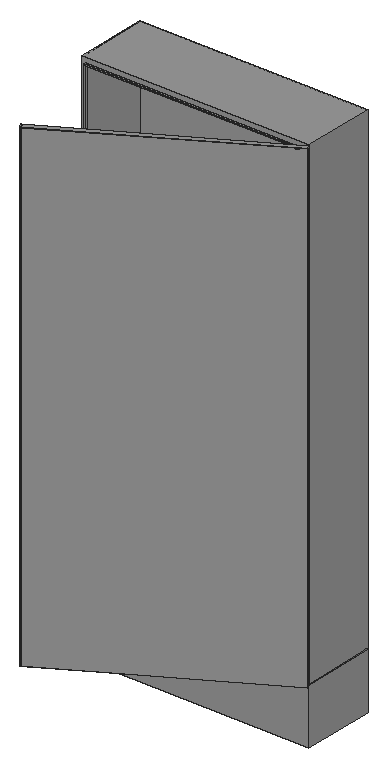
Revit family "Hager-Univers-IP55-D275-H1900-Cl.I-Steel_encl-NoHosted-PL-pl", category Electrical Equipment, Revit 2020
Family settings
  Panel Configuration = Two Columns, Circuits Across
  Round Connector Dimension = Use Diameter
  Part Type = Panelboard
  Work Plane-Based = Yes
  Always vertical = Yes
  Cut with Voids When Loaded = No
  Shared = No
  Room Calculation Point = No
Parameters (values of type "Montaż podłogowy IP55 S800 W1900 G275  - FR13E2")
  Width Control [instance] = if([EF000008 - Szerokość] > Min Width, [EF000008 - Szerokość], Min Width)  # 800 mm
  Type Comments = [HG000003 - Zakres]  # "Univers"
  Thickness Door [instance] = if([EF009171 - Drzwi/pokrywa z materiału o wysokiej wytrzymałości mechanicznej] > 3 mm, 3 mm, [EF009171 - Drzwi/pokrywa z materiału o wysokiej wytrzymałości mechanicznej])  # 1.5 mm
  Seal Frame Offset [instance] = 17 mm  # constant formula
  Plinth Visibility [instance] = [HG000027 - Wysokość cokołu] > 0 mm  # yes
  Min Width [instance] = 100 mm  # constant formula
  Min Depth [instance] = (2 * [EF009170 - Obudowa z materiału o wysokiej wytrzymałości mechanicznej]) + 1 mm  # 4 mm
  Min Height [instance] = 100 mm  # constant formula
  Internal Frame Depth [instance] = (Door System Depth * 0.5)  # 9 mm
  Panel Name [instance] = ""  # (empty or 0)
  Model = ""
  HG000027 - Wysokość cokołu = 200 mm
  HG000026 - Stojąca = yes
  HG000024 - Wysokość części dolnej = 600 mm
  HG000023 - Obudowa dwusekcyjna = no
  HG000016 - Widoczność drzwi w widoku 3D [instance] = yes
  HG000015 - Przestrzeń robocza - otwarcie drzwi [instance] = no
  HG000014 - Drzwi prawe [instance] = yes
  HG000013 - Drzwi lewe [instance] = not([HG000014 - Drzwi prawe])  # no
  HG000012 - Kąt otwarcia drzwi [instance] = 30.00°
  HG000010 - Drzwi asymetryczne = no
  HG000009 - Drzwi dwuskrzydłowe = no
  HG000006 - Montaż podtynkowy = no
  HG000004 - Referencja producenta = "FR13E2"
  HG000003 - Zakres = "Univers"
  HG000002 - Z drzwiami lub pokrywą = yes
  Frame Offset Bottom [instance] = 10 mm  # constant formula
  Frame Offset [instance] = 15 mm  # constant formula
  EF015940 - Pokrywa z wyzwalaczem nadciśnieniowym = no
  EF011959 - Stopień ochrony (NEMA) = ""
  EF009554 - Liczba otworów pod flansze = 6
  EF009212 - Wykonanie pokrywy = "EV000116 - Zamknięty"
  EF009171 - Drzwi/pokrywa z materiału o wysokiej wytrzymałości mechanicznej = 1.5 mm
  EF009170 - Obudowa z materiału o wysokiej wytrzymałości mechanicznej = 1.5 mm
  EF008873 - Prąd znamionowy (In) = 800 A
  EF007800 - Do ochrony odgromowej = no
  EF006306 - Z zamkiem = no
  EF006244 - Transparentna pokrywa/drzwi = no
  EF005474 - Stopień ochrony (IP) = "EV006420 - IP55"
  EF004464 - Rodzaj drzwi = "EV002646 - Pojedynczy"
  EF004427 - Liczba modułów = 396
  EF004293 - Odporność udarowa = "EV008784 - IK10"
  EF003532 - Do zastosowań zewnętrznych = no
  EF002950 - Szerokość wyrażona liczbą modułów = 24
  EF001613 - Podtrzymanie funkcji = "EV000494 - Brak"
  EF001596 - Materiał obudowy = "EV000179 - Stal"
  EF001131 - Głębokość wewnętrzna = 275 mm
  EF001088 - Możliwość rozbudowy = yes
  EF000437 - Liczba wejść kablowych = 6
  EF000339 - Rodzaj pokrywy = "EV004216 - Drzwi"
  EF000266 - Liczba rzędów = 11
  EF000218 - Głębokość wbudowania = 0 mm
  EF000118 - Z płytą montażową = no
  EF000116 - Numer RAL = "7035"
  EF000049 - Głębokość = 275 mm
  EF000040 - Wysokość = 1900 mm
  EF000008 - Szerokość = 800 mm
  EF000007 - Kolor = "EV000270 - Szary"
  EF000003 - Sposób montażu = "EV012274 - Montaż podłogowy"
  Door System Leaf Tolerance [instance] = 1.5 mm  # constant formula
  Door System Depth [instance] = 18 mm  # constant formula
  Door Height [instance] = Height Control - [HG000027 - Wysokość cokołu]  # 1700 mm
  Description = ""
  Default Elevation = 1219.2 mm
  Connector Offset [instance] = Height Control / 2  # 950 mm
  Manufacturer = "Hager"  # constant formula
  Height Control [instance] = if([EF000040 - Wysokość] > Min Height, [EF000040 - Wysokość], Min Height)  # 1900 mm
  Depth Control [instance] = if([EF000049 - Głębokość] > Min Depth, [EF000049 - Głębokość], Min Depth)  # 275 mm
  Bottom Top Plate Trim [instance] = 1.5 mm  # constant formula
  Plinth height Ctrl [instance] = if([HG000027 - Wysokość cokołu] > 0 mm, [HG000027 - Wysokość cokołu], 12 mm)  # 200 mm
Types (5, lengths in mm): name | Width Control | HG000010 - Drzwi asymetryczne | HG000009 - Drzwi dwuskrzydłowe | HG000004 - Referencja producenta | EF009554 - Liczba otworów pod flansze | EF004464 - Rodzaj drzwi | EF004427 - Liczba modułów | EF000437 - Liczba wejść kablowych | EF000008 - Szerokość
  Montaż podłogowy IP55 S1050 W1900 G275  - FR14E2 | 1050 | yes | yes | "FR14E2" | 8 | "EV003602 - Podwójny" | 528 | 8 | 1050
  Montaż podłogowy IP55 S1300 W1900 G275  - FR15E2 | 1300 | yes | yes | "FR15E2" | 10 | "EV003602 - Podwójny" | 660 | 10 | 1300
  Montaż podłogowy IP55 S300 W1900 G275  - FR11E2 | 300 | no | no | "FR11E2" | 2 | "EV002646 - Pojedynczy" | 132 | 2 | 300
  Montaż podłogowy IP55 S550 W1900 G275  - FR12E2 | 550 | no | no | "FR12E2" | 4 | "EV002646 - Pojedynczy" | 264 | 4 | 550
  Montaż podłogowy IP55 S800 W1900 G275  - FR13E2 | 800 | no | no | "FR13E2" | 6 | "EV002646 - Pojedynczy" | 396 | 6 | 800
Reference planes
  plane 1 "Center (Front/Back)": y = 0
  plane 2: z = 0
  plane 3 "Center (Left/Right)": x = 0
  plane 4: y = 0
  plane 5: y = 0
  plane 6: z = 0
  plane 7: x = -400
  plane 8: x = 400
  plane 9: x = 398.5
  plane 10: x = -398.5
  plane 11: z = 200
  plane 12: z = 201.5
  plane 13: y = -275
  plane 14: y = -1.5
  plane 15: x = 0
  plane 16: y = -257
  plane 17: y = -273.5
  plane 18: y = -255.5
  plane 19: x = -383.5
  plane 20: x = 383.5
  plane 21: z = 211.5
  plane 22: x = -383
  plane 23: x = 383
  plane 24: z = 200
  plane 25: z = 1900
  plane 26: z = 1900
  plane 27: z = 1883.5
  plane 28: z = 1898.5
Forms (mm)
  Extrusion 1, solid, material "Hager_Steel_RAL7035_Light_Grey", detail levels medium+fine
    sketch origin (-208.679, -4572, 200) x (-1, 0, 0) y (0, -1, 0)
      loop
        line (191.321, -4315) -> (-608.679, -4315) -> (-608.679, -4572) -> (191.321, -4572) -> (191.321, -4315)
    from 0 to 1700
  Extrusion 2, void
    sketch origin (-350.771, -275, 1219.2) x (1, 0, 0) y (0, 0, 1)
      loop
        line (-47.729, 679.3) -> (-47.729, -1017.7) -> (749.271, -1017.7) -> (749.271, 679.3) -> (-47.729, 679.3)
    from -19.5 to -273.5
  Extrusion 3, void
    sketch origin (-290.084, -257, 1219.2) x (1, 0, 0) y (0, 0, 1)
      loop
        line (-93.416, -1007.7) -> (673.584, -1007.7) -> (673.584, 664.3) -> (-93.416, 664.3) -> (-93.416, -1007.7)
    from 0 to -1.5
  Extrusion 4, solid, material "Hager_Steel_RAL7035_Light_Grey", visible <- "Plinth Visibility", detail levels medium+fine
    sketch origin (0, 0, 0) x (1, 0, 0) y (0, 1, 0)
      loop
        line (-400, 0) -> (-400, -257) -> (400, -257) -> (400, 0) -> (-400, 0)
    from 0 to 200 <- "Plinth height Ctrl"
  Extrusion 5, solid, material "Hager_Steel_RAL7035_Light_Grey", detail levels coarse
    sketch origin (0, 0, 0) x (1, 0, 0) y (0, 1, 0)
      loop
        line (-400, 0) -> (-400, -275) -> (400, -275) -> (400, 0) -> (-400, 0)
    from 0 to 1900 <- "Height Control"
  Sweep 6, void
    path in 3D
      loop
        line (-400, -257, 200) -> (400, -257, 200) -> (400, 0, 200) -> (-400, 0, 200) -> (-400, -257, 200)
    profile origin (-400, -128.5, 200) x (1, 0, 0) y (0, 0, 1)
      loop
        line (0, 0) -> (0, -1.5) -> (1.5, -1.5)
        arc (1.5, -1.5) -> (1.061, -0.439) -> (0, 0) r 1.5
  Extrusion 7, solid, material "Hager_Steel_RAL7035_Light_Grey", detail levels fine
    sketch origin (-400, -257, 200) x (1, 0, 0) y (0, 0, 1)
      loop
        line (16.5, 11.5) -> (783.5, 11.5) -> (783.5, 1683.5) -> (16.5, 1683.5) -> (16.5, 11.5)
      loop
        line (15, 10) -> (785, 10) -> (785, 1685) -> (15, 1685) -> (15, 10)
    from 0 to 9 <- "Internal Frame Depth"
Cuts and joins
  Extrusion 2, Extrusion 3 cuts Extrusion 1
  Sweep 6 cuts Extrusion 4
Lines and regions (mm)
  Masking region 1
    outline origin (0, 0, 0) x (1, 0, 0) y (0, 1, 0)
      loop
        line (-400, 0) -> (-400, -275) -> (400, -275) -> (400, 0) -> (-400, 0)
  Masking region 2, detail levels coarse
    outline origin (-290.084, -257, 1219.2) x (-1, 0, 0) y (0, 0, 1)
      loop
        line (-690.084, -1219.2) -> (109.916, -1219.2) -> (109.916, 680.8) -> (-690.084, 680.8) -> (-690.084, -1219.2)
  Masking region 3, detail levels coarse
    outline origin (0, 0, 0) x (0, 1, 0) y (0, 0, 1)
      loop
        line (0, 0) -> (0, 1900) -> (-275, 1900) -> (-275, 0) -> (0, 0)
  Masking region 4, visible <- "Plinth Visibility", detail levels medium+fine
    outline origin (0, 0, 0) x (0, 1, 0) y (0, 0, 1)
      loop
        line (-1.5, 200) -> (-255.5, 200)
        arc (-255.5, 200) -> (-255.939, 198.939) -> (-257, 198.5) r 1.5
        line (-257, 198.5) -> (-257, 0) -> (0, 0) -> (0, 198.5)
        arc (0, 198.5) -> (-1.061, 198.939) -> (-1.5, 200) r 1.5
  Masking region 5, detail levels medium+fine
    outline origin (0, 0, 594.038) x (0, 1, 0) y (0, 0, 1)
      loop
        line (0, -394.038) -> (0, 1305.962) -> (-257, 1305.962) -> (-257, -394.038) -> (0, -394.038)
  Masking region 6, detail levels medium+fine
    outline origin (-359.7, -257, 1211.883) x (-1, 0, 0) y (0, 0, 1)
      loop
        line (-759.7, -1011.883) -> (40.3, -1011.883) -> (40.3, 688.117) -> (-759.7, 688.117) -> (-759.7, -1011.883)
  Masking region 7, visible <- "Plinth Visibility", detail levels medium+fine
    outline origin (-320.334, -257, 1041.368) x (-1, 0, 0) y (0, 0, 1)
      loop
        line (-720.334, -1041.368) -> (79.666, -1041.368) -> (79.666, -842.868)
        arc (79.666, -842.868) -> (78.606, -842.429) -> (78.166, -841.368) r 1.5
        line (78.166, -841.368) -> (-718.834, -841.368)
        arc (-718.834, -841.368) -> (-719.273, -842.429) -> (-720.334, -842.868) r 1.5
        line (-720.334, -842.868) -> (-720.334, -1041.368)
  sketch lines
    curve 1: line (-400, 0, 200) -> (-400, -257, 200)
    curve 2: line (-400, -257, 200) -> (400, -257, 200)
    curve 3: line (400, 0, 200) -> (-400, 0, 200)
    curve 4: line (400, -257, 200) -> (400, 0, 200)
Dimensions and locks
  locked: plane 1 "Center (Front/Back)" to plane 5
  "EF009170 - Obudowa z materiału o wysokiej wytrzymałości mechanicznej": plane 7 to plane 10
  "EF009170 - Obudowa z materiału o wysokiej wytrzymałości mechanicznej": plane 8 to plane 9
  equal spacing: plane 7, plane 3 "Center (Left/Right)", plane 8
  "Width Control": plane 7 to plane 8
  "Depth Control": plane 4 to plane 13
  "EF009170 - Obudowa z materiału o wysokiej wytrzymałości mechanicznej": plane 4 to plane 14
  "Height Control": plane 25 to level
  "HG000027 - Wysokość cokołu": plane 11 to level
  "EF009170 - Obudowa z materiału o wysokiej wytrzymałości mechanicznej": plane 12 to plane 11
  "EF009170 - Obudowa z materiału o wysokiej wytrzymałości mechanicznej": plane 17 to plane 13
  "EF009170 - Obudowa z materiału o wysokiej wytrzymałości mechanicznej": plane 18 to plane 16
  "Frame Offset Bottom": plane 21 to plane 12
  "Frame Offset": plane 10 to plane 19
  "Frame Offset": plane 9 to plane 20
  "Door System Depth": plane 16 to plane 13
  "Seal Frame Offset": plane 7 to plane 22
  "Seal Frame Offset": plane 8 to plane 23
  "EF009170 - Obudowa z materiału o wysokiej wytrzymałości mechanicznej": plane 26 to plane 28
  "Frame Offset": plane 28 to plane 27
  "Connector Offset": plane 2 to connector elem
  "Bottom Top Plate Trim": profile plane to Sweep 6 sketch curve
  "Bottom Top Plate Trim": Sweep 6 sketch curve to Sweep 6 sketch curve
  "Plinth height Ctrl": Masking region 4 sketch curve to level
  "Plinth height Ctrl": Masking region 7 sketch curve to level
  "Thickness Door": Extrusion 7 sketch curve to Extrusion 7 sketch curve  (x4)
  "Bottom Top Plate Trim": radius of Sweep 6 sketch curve
  "Bottom Top Plate Trim": radius of Masking region 4 sketch curve  (x2)
  "Bottom Top Plate Trim": radius of Masking region 7 sketch curve  (x2)
  aligned and locked: Extrusion 2 sketch curve to plane 12
  aligned and locked: Extrusion 2 sketch curve to plane 9
  aligned and locked: Extrusion 2 sketch curve to plane 10
  aligned and locked: Extrusion 2 to plane 14
  aligned and locked: Extrusion 1 sketch curve to plane 4
  aligned and locked: plane 8 to Extrusion 1 sketch curve
  aligned and locked: plane 7 to Extrusion 1 sketch curve
  aligned and locked: Extrusion 2 to plane 18
  aligned and locked: Extrusion 3 sketch curve to plane 19
  aligned and locked: plane 20 to Extrusion 3 sketch curve
  aligned and locked: Extrusion 3 to Extrusion 2
  aligned and locked: Extrusion 3 sketch curve to plane 21
  aligned and locked: plane 3 "Center (Left/Right)" to nested 1
  aligned and locked: Extrusion 1 sketch curve to plane 16
  aligned and locked: Extrusion 4 sketch curve to cut or joined group of Extrusion 1, Extrusion 2, Extrusion 3
  aligned and locked: Masking region 1 sketch curve to plane 7
  aligned and locked: Masking region 1 sketch curve to plane 5
  aligned and locked: Masking region 1 sketch curve to plane 8
  aligned and locked: Masking region 2 sketch curve to level
  aligned and locked: level to Masking region 3 sketch curve
  aligned and locked: plane 1 "Center (Front/Back)" to Masking region 3 sketch curve
  aligned and locked: plane 13 to Masking region 3 sketch curve
  aligned and locked: plane 5 to Masking region 4 sketch curve
  aligned and locked: Masking region 2 sketch curve to plane 8
  aligned and locked: Masking region 2 sketch curve to plane 7
  aligned and locked: plane 7 to nested 2
  aligned and locked: nested 2 to plane 5
  aligned and locked: plane 5 to Masking region 5 sketch curve
  aligned and locked: plane 26 to Masking region 5 sketch curve
  aligned and locked: Extrusion 5 sketch curve to plane 8
  aligned and locked: Extrusion 5 sketch curve to plane 7
  aligned and locked: Extrusion 5 sketch curve to plane 5
  aligned and locked: Extrusion 3 sketch curve to plane 27
  aligned and locked: Extrusion 2 sketch curve to plane 28
  aligned and locked: Masking region 2 to plane 25
  aligned and locked: Extrusion 4 to plane 16
  aligned and locked: profile plane to Sweep 6 sketch curve
  aligned and locked: Masking region 5 sketch curve to plane 24
  aligned and locked: level to Masking region 4 sketch curve
  aligned and locked: Masking region 1 to plane 13
  aligned and locked: nested 1 to plane 16
  aligned and locked: Masking region 3 to plane 25
  aligned and locked: plane 16 to Masking region 4 sketch curve
  aligned and locked: Masking region 5 sketch curve to plane 16
  aligned and locked: plane 24 to plane 11
  aligned and locked: plane 26 to plane 25
  aligned and locked: plane 26 to cut or joined group of Extrusion 1, Extrusion 2, Extrusion 3
  aligned and locked: nested 1 to plane 24
  aligned and locked: Extrusion 1 to Extrusion 3
  aligned and locked: Masking region 6 sketch curve to plane 8
  aligned and locked: Masking region 6 sketch curve to plane 24
  aligned and locked: Masking region 6 sketch curve to plane 7
  aligned and locked: Masking region 6 sketch curve to plane 26
  aligned and locked: Masking region 7 sketch curve to plane 7
  aligned and locked: level to Masking region 7 sketch curve
  aligned and locked: Masking region 7 sketch curve to plane 8
  aligned and locked: Extrusion 7 sketch curve to cut or joined group of Extrusion 1, Extrusion 2, Extrusion 3  (x4)
Automatic sketch dimensions
  plane 19 to Extrusion 3 sketch curve = 0 mm
  Extrusion 3 sketch curve to plane 20 = 0 mm
  Extrusion 3 sketch curve to plane 21 = 0 mm
  Extrusion 4 sketch curve to plane 7 = 0 mm
  Extrusion 4 sketch curve to plane 8 = 0 mm
  Extrusion 4 sketch curve to plane 16 = 0 mm
  Masking region 1 sketch curve to plane 13 = 0 mm
  Masking region 2 sketch curve to plane 25 = 0 mm
  Masking region 3 sketch curve to plane 25 = 0 mm
  Extrusion 5 sketch curve to plane 13 = 0 mm
  profile plane to Sweep 6 sketch curve = 0 mm
Nested families
  nested 1: "EC000058_Univers_Door" at (0, -257, 200), Double <- "HG000009 - Drzwi dwuskrzydłowe", Transparent <- "EF006244 - Transparentna pokrywa/drzwi", Angle <- "HG000012 - Kąt otwarcia drzwi", Door_Right <- "HG000014 - Drzwi prawe", Assymetrical <- "HG000010 - Drzwi asymetryczne", Door <- "HG000002 - Z drzwiami lub pokrywą", Width_Ctrl <- "Width Control", 3d_Door <- "HG000016 - Widoczność drzwi w widoku 3D", Clearance <- "HG000015 - Przestrzeń robocza - otwarcie drzwi", Door_Left <- "HG000013 - Drzwi lewe", Width <- "Width Control", Door_Depth <- "Door System Depth", Leaf_Tolerance <- "Door System Leaf Tolerance", Height <- "Door Height", Lock_Visibility <- "EF006306 - Z zamkiem", Thickness <- "Thickness Door", type "EC000058_Univers_Door", detail levels medium+fine
    with min_wh 4 mm, Width_Ctrl 800 mm, Width 800 mm, Transparent no, Thickness 1.5 mm, Seal_Material Hager_Rubber, Lock_Visibility no, Lock_Material Hager_Plastic_RAL9005_Jet_Black, Leaf_Width 800 mm, Leaf_Tolerance_External_Sides 0 mm, Leaf_Tolerance 1.5 mm, Leaf_Offset 0 mm, Leaf_Height 1697 mm, Leaf_2_Width 800 mm, Leaf_2_Offset 400 mm, Leaf_1_Width 800 mm, Leaf_1_Offset 400 mm, Height_Ctrl 1700 mm, Height 1700 mm, Glass_Material Hager_Glass, Double_Clearance_Ctrl no, Double no, Door_Right_Ctrl yes, Door_Right yes, Door_Material Hager_Steel_RAL7035_Light_Grey, Door_Left_Ctrl no, Door_Left no, Door_Depth 18 mm, Door yes, Clearance_Material Hager_Clearance, Clearance_Depth 800 mm, Clearance_Ctrl no, Clearance no, Assymetrical no, Angle 30.00°, 3d_Door yes
  nested 2: "Hager_Enclosure_Symbol" at (-400, 0, 0), Height <- "Depth Control", Width <- "Width Control", type "Hager_Enclosure_Symbol"
    with Width_Ctrl 800 mm, Width 800 mm, Height_Ctrl 275 mm, Height 275 mm, A_Width_Int 18.047 mm, A_Width 216.562 mm, A_Height_Ctrl 240.625 mm, A_Height 240.625 mm
Connectors
  electrical at (0, 0, 950)
    settings: on plane 1 "Center (Front/Back)", index 1, voltage 0 V, apparent load 0 VA, apparent load phase1 0 VA, apparent load phase2 0 VA, apparent load phase3 0 VA, power factor 1, load classification "Other", number of poles 1, system type 30, power factor state 1, is connector primary yes, connector utility no, sub classification motor no, connector description ""
Definition of nested family "EC000058_Univers_Door"
  Parameters (values of type "EC000058_Univers_Door")
    min_wh [instance] = (2 * Thickness) + 1 mm  # 11 mm
    Width_Ctrl [instance] = 400 mm
    Width [instance] = 500 mm
    Transparent [instance] = yes
    Thickness [instance] = 5 mm
    Seal_Material [instance] = none
    Lock_Visibility [instance] = yes
    Lock_Material [instance] = none
    Leaf_Width [instance] = if((Width_Ctrl - 2 * Leaf_Tolerance_External_Sides) > 0 mm, (Width_Ctrl - 2 * Leaf_Tolerance_External_Sides), min_wh)  # 400 mm
    Leaf_Tolerance_External_Sides [instance] = 0 mm  # constant formula
    Leaf_Tolerance [instance] = 1.5 mm
    Leaf_Offset [instance] = 0 mm  # constant formula
    Leaf_Height [instance] = if((Height_Ctrl - 2 * Leaf_Tolerance) > 0 mm, (Height_Ctrl - 2 * Leaf_Tolerance), min_wh)  # 497 mm
    Leaf_2_Width [instance] = if(and(and(Double, Assymetrical), Door_Left), (Leaf_Width / 3) - (Leaf_Tolerance / 2), if(and(and(Double, Assymetrical), Door_Right), (Leaf_Width / 3) * 2 - (Leaf_Tolerance / 2), if(and(Double, not(Assymetrical)), (Leaf_Width / 2) - Leaf_Tolerance, Leaf_Width)))  # 400 mm
    Leaf_2_Offset [instance] = if(and(Double, Assymetrical), Leaf_2_Width / 2, if(and(Double, not(Assymetrical)), Leaf_Width / 4, Leaf_Width / 2))  # 200 mm
    Leaf_1_Width [instance] = if(and(and(Double, Assymetrical), Door_Right), (Leaf_Width / 3) - (Leaf_Tolerance / 2), if(and(and(Double, Assymetrical), Door_Left), (Width / 3) * 2 - (Leaf_Tolerance / 2), if(and(Double, not(Assymetrical)), (Leaf_Width / 2) - Leaf_Tolerance, Leaf_Width)))  # 400 mm
    Leaf_1_Offset [instance] = if(and(Double, Assymetrical), Leaf_1_Width / 2, if(and(Double, not(Assymetrical)), Leaf_Width / 4, Leaf_Width / 2))  # 200 mm
    Height_Ctrl [instance] = if(Height > min_wh, Height, min_wh)  # 500 mm
    Height [instance] = 500 mm
    Glass_Material [instance] = none
    Double_Clearance_Ctrl [instance] = and(Double, Clearance)  # no
    Double [instance] = no
    Door_Right_Ctrl [instance] = and(or(Door_Right, Double), Door)  # yes
    Door_Right [instance] = yes
    Door_Material [instance] = none
    Door_Left_Ctrl [instance] = and(or(Door_Left, Double), Door)  # no
    Door_Left [instance] = no
    Door_Depth [instance] = 30 mm
    Door [instance] = yes
    Default Elevation = 1219.2 mm
    Clearance_Material [instance] = none
    Clearance_Depth [instance] = if(Leaf_1_Width > Leaf_2_Width, Leaf_1_Width, Leaf_2_Width)  # 400 mm
    Clearance_Ctrl [instance] = and(not(Double), Clearance)  # yes
    Clearance [instance] = yes
    Assymetrical [instance] = yes
    Angle [instance] = 30.00°
    3d_Door [instance] = yes
  Reference planes
    plane 1 "Center (Front/Back)": y = 0
    plane 2 "Bottom": z = 0
    plane 3 "Center (Left/Right)": x = 0
    plane 4: z = 500
    plane 5: x = -200
    plane 6: x = 200
    plane 7: z = 500
    plane 8: x = -200
    plane 9: z = 0
    plane 10: x = 200
    plane 11: y = 0
    plane 12: z = 1.5
    plane 13: x = -600
    plane 14: y = -400
    plane 15: x = 600
    plane 16: x = 0
    plane 17: x = 0
    plane 18: x = -200
    plane 19: x = 200
    plane 20: z = 498.5
  Forms (mm)
    Extrusion 1, solid, material <- "Clearance_Material", visible <- "Double_Clearance_Ctrl"
      sketch origin (1200, 0, 0) x (1, 0, 0) y (0, 0, -1)
        loop
          line (-1800, -498.5) -> (-600, -498.5) -> (-600, 0) -> (-1800, 0) -> (-1800, -498.5)
      from 0 to -400
  Dimensions and locks
    equal spacing: plane 5, plane 3 "Center (Left/Right)", plane 6
    "Width_Ctrl": plane 5 to plane 6
    "Leaf_Offset": plane 5 to plane 8
    "Leaf_Offset": plane 6 to plane 10
    "Leaf_Offset": plane 9 to level
    "Leaf_Offset": plane 4 to plane 7
    "Height_Ctrl": plane 4 to level
    "Leaf_Tolerance": plane 12 to plane 9
    locked: plane 11 to plane 1 "Center (Front/Back)"
    "Leaf_1_Offset": plane 18 to plane 16
    "Leaf_2_Offset": plane 17 to plane 19
    "Leaf_1_Width": plane 13 to plane 8
    "Leaf_2_Width": plane 10 to plane 15
    "Clearance_Depth": plane 14 to plane 1 "Center (Front/Back)"
    "Leaf_Tolerance_External_Sides": plane 8 to plane 18
    "Leaf_Tolerance_External_Sides": plane 19 to plane 10
    "Leaf_Tolerance": plane 7 to plane 20
    aligned and locked: level to plane 2 "Bottom"
    aligned and locked: nested 1 to plane 16
    aligned and locked: nested 2 to plane 17
    aligned and locked: Extrusion 1 to plane 13
    aligned and locked: plane 15 to Extrusion 1
    aligned and locked: Extrusion 1 to plane 14
    aligned and locked: plane 12 to nested 1
    aligned and locked: nested 2 to plane 12
    aligned and locked: Extrusion 1 to plane 11
    aligned and locked: plane 20 to Extrusion 1
    aligned and locked: nested 2 to plane 11
    aligned and locked: nested 1 to plane 11
  Automatic sketch dimensions
    Extrusion 1 sketch curve to level = 0 mm
    plane 5 to Extrusion 1 sketch curve = 400 mm
    plane 6 to Extrusion 1 sketch curve = 400 mm
    Extrusion 1 sketch curve to plane 4 = 1.5 mm
  Nested families
    nested 1: "EC000058_Univers_Door_Leaf" at (0, 0, 1.5), Width <- "Leaf_1_Width", visible <- "Door_Left_Ctrl", Leaf_Height <- "Leaf_Height", Angle <- "Angle", 3d_Door <- "3d_Door", Transparent <- "Transparent", Clearance Material <- "Clearance_Material", Clearance <- "Clearance_Ctrl", Door_Material <- "Door_Material", Glass_Material <- "Glass_Material", Door_Depth <- "Door_Depth", Lock_Material <- "Lock_Material", Seal_Material <- "Seal_Material", Lock_Visibility <- "Lock_Visibility", Thickness <- "Thickness", type "EC000058_Univers_Door_Leaf"
      with Width 400 mm, Transparent_Glass_Offset 30 mm, Transparent_Ctrl yes, Transparent yes, Thickness 5 mm, Standard no, Seal_Material none, Seal_D2 8 mm, Seal_D1 1 mm, Offset_Internal_Frame 10 mm, Lock_Width 20 mm, Lock_Visibility_3d yes, Lock_Visibility yes, Lock_Thickness_3 3 mm, Lock_Thickness_2 1 mm, Lock_Thickness_1 3 mm, Lock_Radius_Offset_2 16 mm, Lock_Radius_Offset_1 15 mm, Lock_Radius_2 5 mm, Lock_Radius 6 mm, Lock_Offset 5 mm, Lock_Material none, Lock_Height 80 mm, Lock_Cover_Top_Offset_2d 17 mm, Lock_Cover_Height -65 mm, Leaf_Height 497 mm, Internal_Seal_Thickness 8 mm, Internal_Seal_Depth_2 4.5 mm, Internal_Frame_Depth 25 mm, Glass_Thickness -1 mm, Glass_Offset -2 mm, Glass_Material none, Door_Material none, Door_Depth 30 mm, Clearance Material none, Clearance yes, Angle_Ctrl 30.00°, Angle 30.00°, 3d_Door yes
    nested 2: "EC000058_Univers_Door_Leaf" at (0, 0, 1.5) x (-1, 0, 0) z (0, 0, 1), Width <- "Leaf_2_Width", visible <- "Door_Right_Ctrl", Leaf_Height <- "Leaf_Height", Angle <- "Angle", 3d_Door <- "3d_Door", Transparent <- "Transparent", Clearance Material <- "Clearance_Material", Clearance <- "Clearance_Ctrl", Door_Material <- "Door_Material", Glass_Material <- "Glass_Material", Door_Depth <- "Door_Depth", Lock_Material <- "Lock_Material", Seal_Material <- "Seal_Material", Lock_Visibility <- "Lock_Visibility", Thickness <- "Thickness", type "EC000058_Univers_Door_Leaf"
      with Width 400 mm, Transparent_Glass_Offset 30 mm, Transparent_Ctrl yes, Transparent yes, Thickness 5 mm, Standard no, Seal_Material none, Seal_D2 8 mm, Seal_D1 1 mm, Offset_Internal_Frame 10 mm, Lock_Width 20 mm, Lock_Visibility_3d yes, Lock_Visibility yes, Lock_Thickness_3 3 mm, Lock_Thickness_2 1 mm, Lock_Thickness_1 3 mm, Lock_Radius_Offset_2 16 mm, Lock_Radius_Offset_1 15 mm, Lock_Radius_2 5 mm, Lock_Radius 6 mm, Lock_Offset 5 mm, Lock_Material none, Lock_Height 80 mm, Lock_Cover_Top_Offset_2d 17 mm, Lock_Cover_Height -65 mm, Leaf_Height 497 mm, Internal_Seal_Thickness 8 mm, Internal_Seal_Depth_2 4.5 mm, Internal_Frame_Depth 25 mm, Glass_Thickness -1 mm, Glass_Offset -2 mm, Glass_Material none, Door_Material none, Door_Depth 30 mm, Clearance Material none, Clearance yes, Angle_Ctrl 30.00°, Angle 30.00°, 3d_Door yes
  Definition of nested family "EC000058_Univers_Door_Leaf"
    Parameters (values of type "EC000058_Univers_Door_Leaf")
      Width [instance] = 2000 mm
      Transparent_Glass_Offset [instance] = 30 mm
      Transparent_Ctrl [instance] = and(Transparent, [3d_Door])  # yes
      Transparent [instance] = yes
      Thickness [instance] = 5 mm
      Standard [instance] = and(not(Transparent), [3d_Door])  # no
      Seal_Material [instance] = none
      Seal_D2 [instance] = 8 mm  # constant formula
      Seal_D1 [instance] = 1 mm  # constant formula
      Offset_Internal_Frame [instance] = 10 mm  # constant formula
      Lock_Width [instance] = 20 mm  # constant formula
      Lock_Visibility_3d [instance] = and(Lock_Visibility, [3d_Door])  # yes
      Lock_Visibility [instance] = yes
      Lock_Thickness_3 [instance] = 3 mm  # constant formula
      Lock_Thickness_2 [instance] = 1 mm  # constant formula
      Lock_Thickness_1 [instance] = 3 mm  # constant formula
      Lock_Radius_Offset_2 [instance] = Lock_Radius_Offset_1 + 1 mm  # 16 mm
      Lock_Radius_Offset_1 [instance] = 15 mm  # constant formula
      Lock_Radius_2 [instance] = Lock_Radius - 1 mm  # 5 mm
      Lock_Radius [instance] = 6 mm  # constant formula
      Lock_Offset [instance] = 5 mm  # constant formula
      Lock_Material [instance] = none
      Lock_Height [instance] = 80 mm  # constant formula
      Lock_Cover_Top_Offset_2d [instance] = Lock_Radius_Offset_2 + 1 mm  # 17 mm
      Lock_Cover_Height [instance] = -(Lock_Height - Lock_Radius_Offset_1)  # -65 mm
      Leaf_Height [instance] = 2720.336 mm
      Internal_Seal_Thickness [instance] = 8 mm  # constant formula
      Internal_Seal_Depth_2 [instance] = 4.5 mm  # constant formula
      Internal_Frame_Depth [instance] = if(Door_Depth - Thickness > 5 mm, Door_Depth - Thickness, 5 mm)  # 25 mm
      Glass_Thickness [instance] = if(Thickness > 15 mm, Glass_Offset + 10 mm, -1 mm)  # -1 mm
      Glass_Offset [instance] = if(Thickness > 15 mm, -(Thickness + 10 mm) / 2, -2 mm)  # -2 mm
      Glass_Material [instance] = none
      Door_Material [instance] = none
      Door_Depth [instance] = 30 mm
      Default Elevation = 0 mm
      Clearance Material [instance] = none
      Clearance [instance] = yes
      Angle_Ctrl [instance] = if(Angle > 180.00°, 180.00°, Angle)  # 90.00°
      Angle [instance] = 90.00°
      3d_Door [instance] = yes
    Reference planes
      plane 1 "Center (Front/Back)": y = 0
      plane 2: z = 0
      plane 3 "Center (Left/Right)": x = 0
      plane 4: y = 2000
      plane 5: x = -1000
      plane 6: x = 1000
      plane 7: x = -3000
      plane 8: z = 2720.336
      plane 9: z = 30
      plane 10: z = 2690.336
      plane 11: x = 970
      plane 12: x = -970
      plane 13: y = -3
      plane 14: z = 107.833
      plane 15: y = -5
      plane 16: y = -223.314
      plane 17: x = -1000
      plane 18: z = 1360.168
      plane 19: y = 30
    Forms (mm)
      Extrusion 1, solid, material <- "Clearance Material", visible <- "Clearance"
        sketch origin (0, 0, 0) x (1, 0, 0) y (0, 0, 1)
          loop
            line (-3000, 2720.336) -> (-3000, 0) -> (1000, 0) -> (1000, 2720.336) -> (-3000, 2720.336)
        from 0 to -2000
      Extrusion 2, solid, material <- "Door_Material", visible <- "Standard", detail levels medium+fine
        sketch origin (-1000, 0, 0) x (0, 1, 0) y (-1, 0, 0)
          loop
            line (0, 30) -> (0, 25) -> (2000, 25) -> (2000, 30) -> (0, 30)
        from 0 to 2720.336 <- "Leaf_Height"
      Extrusion 3, solid, material <- "Door_Material", visible <- "Transparent_Ctrl", detail levels medium+fine
        sketch origin (-1000, 0, 0) x (0, 1, 0) y (-1, 0, 0)
          loop
            line (0, 25) -> (2000, 25) -> (2000, 30) -> (0, 30) -> (0, 25)
        from 0 to 2720.336 <- "Leaf_Height"
      Extrusion 4, void
        sketch origin (-1025, 2000, 0) x (0, 1, 0) y (0, 0, -1)
          loop
            line (-30, -2690.336) -> (-30, -30) -> (-1970, -30) -> (-1970, -2690.336) -> (-30, -2690.336)
        from 0 to 5 <- "Thickness"
      Sweep 5, solid, material <- "Seal_Material", visible <- "Transparent_Ctrl", detail levels fine
        path in 3D
          loop
            line (-1025, 30, 30) -> (-1025, 30, 2690.336) -> (-1025, 1970, 2690.336) -> (-1025, 1970, 30) -> (-1025, 30, 30)
        profile origin (-1025, 1000, 30) x (1, 0, 0) y (0, 0, 1)
          loop
            line (0, 0) -> (0, -8) -> (1, -8) -> (1, 0) -> (0, 0)
      Extrusion 6, solid, material <- "Glass_Material", visible <- "Transparent_Ctrl", detail levels medium+fine
        sketch origin (-1030, 0, 0) x (0, 1, 0) y (0, 0, -1)
          loop
            line (1970, -2690.336) -> (1970, -30) -> (30, -30) -> (30, -2690.336) -> (1970, -2690.336)
        from -2 <- "Glass_Offset" to -1 <- "Glass_Thickness"
      Extrusion 7, solid, material <- "Door_Material", visible <- "3d_Door", detail levels medium+fine
        sketch origin (-1025, 2000, 0) x (0, -1, 0) y (0, 0, -1)
          loop
            line (0, -2720.336) -> (2000, -2720.336) -> (2000, 0) -> (0, 0) -> (0, -2720.336)
          loop
            line (1995, -5) -> (5, -5) -> (5, -2715.336) -> (1995, -2715.336) -> (1995, -5)
        from 0 to 25 <- "Internal_Frame_Depth"
      Sweep 8, solid, material <- "Seal_Material", visible <- "Transparent_Ctrl", detail levels fine
        path in 3D
          loop
            line (-1025, 0, 0) -> (-1025, 2000, 0) -> (-1025, 2000, 2720.336) -> (-1025, 0, 2720.336) -> (-1025, 0, 0)
        profile origin (-1025, 0, 1360.168) x (1, 0, 0) y (0, 1, 0)
          loop
            line (0, 10) -> (2.975, 10)
            arc (2.975, 10) -> (4.053, 10.447) -> (4.5, 11.525) r 1.525
            line (4.5, 11.525) -> (4.5, 16.527)
            arc (4.5, 16.527) -> (4.069, 17.569) -> (3.027, 18) r 1.473
            line (3.027, 18) -> (0, 18) -> (0, 10)
      Extrusion 9, solid, material <- "Lock_Material", visible <- "Lock_Visibility_3d", detail levels fine
        sketch origin (-1030, 0, 0) x (0, 1, 0) y (0, 0, -1)
          loop
            arc (1993.5, -1400.168) -> (1994.561, -1399.729) -> (1995, -1398.668) r 1.5
            line (1995, -1398.668) -> (1995, -1320.168) -> (1975, -1320.168) -> (1975, -1398.668)
            arc (1975, -1398.668) -> (1975.439, -1399.729) -> (1976.5, -1400.168) r 1.5
            line (1976.5, -1400.168) -> (1993.5, -1400.168)
        from 3 <- "Lock_Thickness_1" to 0
      Blend 10, solid, material <- "Lock_Material", visible <- "Lock_Visibility_3d", detail levels fine
        base sketch origin (-1033, 0, 0) x (0, 1, 0) y (0, 0, -1)
          loop
            line (1975, -1320.168) -> (1975, -1398.668)
            arc (1975, -1398.668) -> (1975.439, -1399.729) -> (1976.5, -1400.168) r 1.5
            line (1976.5, -1400.168) -> (1993.5, -1400.168)
            arc (1993.5, -1400.168) -> (1994.561, -1399.729) -> (1995, -1398.668) r 1.5
            line (1995, -1398.668) -> (1995, -1320.168) -> (1975, -1320.168)
        top sketch origin (-1033, 0, 0) x (0, 1, 0) y (0, 0, -1)
          loop
            line (1976, -1320.168) -> (1976, -1398.668)
            arc (1976, -1398.668) -> (1976.146, -1399.022) -> (1976.5, -1399.168) r 0.5
            line (1976.5, -1399.168) -> (1993.5, -1399.168)
            arc (1993.5, -1399.168) -> (1993.854, -1399.022) -> (1994, -1398.668) r 0.5
            line (1994, -1398.668) -> (1994, -1320.168) -> (1976, -1320.168)
        from 0 to 1 <- "Lock_Thickness_2"
      Blend 11, solid, material <- "Lock_Material", visible <- "Lock_Visibility_3d", detail levels fine
        base sketch origin (-1034, 0, 0) x (0, 1, 0) y (0, 0, -1)
          loop
            line (1978, -1320.168) -> (1978, -1384.168)
            arc (1978, -1384.168) -> (1985, -1391.168) -> (1992, -1384.168) r 7
            line (1992, -1384.168) -> (1992, -1320.168) -> (1978, -1320.168)
        top sketch origin (-1034, 0, 0) x (0, 1, 0) y (0, 0, -1)
          loop
            line (1991, -1320.168) -> (1979, -1320.168) -> (1979, -1383.168)
            arc (1979, -1383.168) -> (1985, -1389.168) -> (1991, -1383.168) r 6
            line (1991, -1383.168) -> (1991, -1320.168)
        from 0 to 3 <- "Lock_Thickness_3"
      Extrusion 12, solid, material <- "Lock_Material", visible <- "Lock_Visibility_3d", detail levels fine
        sketch origin (-1030, 1975, 1320.168) x (1, 0, 0) y (0, -1, 0)
          loop
            line (-7, -19) -> (-7, -1) -> (0, -1) -> (0, 0) -> (-8, 0) -> (-8, -20) -> (0, -20) -> (0, -19) -> (-7, -19)
        from 0 to -65 <- "Lock_Cover_Height"
      Extrusion 13, void
        sketch origin (-1038, 1995, 1320.168) x (-1, 0, 0) y (0, 0, -1)
          loop
            line (-5, -65) -> (0, -65) -> (-5, -60) -> (-5, -65)
        from 0 to 20 <- "Lock_Width"
      Extrusion 14, void
        sketch origin (-1038, 1975, 1320.168) x (0, -1, 0) y (0, 0, -1)
          loop
            circle (-10, -15.995) r 6
          loop
            circle (-10, -15.995) r 5
        from 0 to 2
      Extrusion 15, solid, material <- "Lock_Material", visible <- "Lock_Visibility_3d", detail levels medium
        sketch origin (-1030, 0, 0) x (0, 1, 0) y (0, 0, -1)
          loop
            arc (1993.5, -1400.168) -> (1994.561, -1399.729) -> (1995, -1398.668) r 1.5
            line (1995, -1398.668) -> (1995, -1320.168) -> (1975, -1320.168) -> (1975, -1398.668)
            arc (1975, -1398.668) -> (1975.439, -1399.729) -> (1976.5, -1400.168) r 1.5
            line (1976.5, -1400.168) -> (1993.5, -1400.168)
        from 8 to 0
    Cuts and joins
      Extrusion 4 cuts Extrusion 3
      Extrusion 13, Extrusion 14 cuts Extrusion 9
      Extrusion 14 cuts Blend 11
      Extrusion 13, Extrusion 14 cuts Extrusion 12
      joined: Extrusion 9, Blend 10, Blend 11, Extrusion 12
      Extrusion 14 cuts Extrusion 15
    Lines and regions (mm)
      Masking region 1, visible <- "Lock_Visibility", detail levels fine
        outline origin (0, 0, 0) x (0, 1, 0) y (0, 0, 1)
          loop
            line (30, 1320.168) -> (33, 1320.168) -> (33, 1400.168) -> (30, 1400.168) -> (30, 1320.168)
      Masking region 2, visible <- "Lock_Visibility", detail levels fine
        outline origin (0, 3.143, 0) x (0, 1, 0) y (0, 0, 1)
          loop
            line (29.857, 1354.168) -> (30.857, 1354.168) -> (30.857, 1366.168) -> (29.857, 1366.168) -> (29.857, 1354.168)
      Masking region 3, detail levels medium+fine
        outline origin (0, 0, 0) x (0, 1, 0) y (0, 0, 1)
          loop
            line (0, 0) -> (30, 0) -> (30, 2720.336) -> (0, 2720.336) -> (0, 0)
      Masking region 4, detail levels medium+fine
        outline origin (0, 0, 0) x (1, 0, 0) y (0, 0, 1)
          loop
            line (-1000, 2720.336) -> (-1000, 0) -> (1000, 0) -> (1000, 2720.336) -> (-1000, 2720.336)
      Masking region 5, visible <- "Lock_Visibility", detail levels fine
        outline origin (-47.116, 0, 0) x (1, 0, 0) y (0, 0, 1)
          loop
            arc (1024.616, 1399.168) -> (1023.556, 1398.729) -> (1023.116, 1397.668) r 1.5
            line (1023.116, 1397.668) -> (1023.116, 1320.168) -> (1041.116, 1320.168) -> (1041.116, 1397.668)
            arc (1041.116, 1397.668) -> (1040.677, 1398.729) -> (1039.616, 1399.168) r 1.5
            line (1039.616, 1399.168) -> (1024.616, 1399.168)
      Masking region 6, visible <- "Lock_Visibility", detail levels medium+fine
        outline origin (-25, 0, 0) x (1, 0, 0) y (0, 0, 1)
          loop
            arc (1001.5, 1400.168) -> (1000.439, 1399.729) -> (1000, 1398.668) r 1.5
            line (1000, 1398.668) -> (1000, 1320.168) -> (1020, 1320.168) -> (1020, 1398.668)
            arc (1020, 1398.668) -> (1019.561, 1399.729) -> (1018.5, 1400.168) r 1.5
            line (1018.5, 1400.168) -> (1001.5, 1400.168)
      Masking region 7, visible <- "Lock_Visibility", detail levels fine
        outline origin (-73.735, 0, 0) x (1, 0, 0) y (0, 0, 1)
          loop
            line (1051.735, 1382.168) -> (1065.735, 1382.168) -> (1065.735, 1384.168)
            arc (1065.735, 1384.168) -> (1058.735, 1391.168) -> (1051.735, 1384.168) r 7
            line (1051.735, 1384.168) -> (1051.735, 1382.168)
      Masking region 8, visible <- "Lock_Visibility", detail levels fine
        outline origin (-73.735, 0, 0) x (1, 0, 0) y (0, 0, 1)
          loop
            line (1052.735, 1382.168) -> (1064.735, 1382.168) -> (1064.735, 1383.168)
            arc (1064.735, 1383.168) -> (1058.735, 1389.168) -> (1052.735, 1383.168) r 6
            line (1052.735, 1383.168) -> (1052.735, 1382.168)
      Masking region 9, visible <- "Lock_Visibility", detail levels fine
        outline origin (-25, 0, 0) x (1, 0, 0) y (0, 0, 1)
          loop
            line (1020, 1320.168) -> (1020, 1382.168) -> (1000, 1382.168) -> (1000, 1320.168) -> (1020, 1320.168)
      Masking region 10, detail levels medium+fine
        outline origin (0, 0, 0) x (1, 0, 0) y (0, 0, 1)
          loop
            circle (985, 1335.144) r 6
      Masking region 11, detail levels fine
        outline origin (0, 0, 0) x (1, 0, 0) y (0, 0, 1)
          loop
            circle (985, 1335.144) r 5
      Masking region 12, visible <- "Lock_Visibility", detail levels fine
        outline origin (0, 12.767, 0) x (0, 1, 0) y (0, 0, 1)
          loop
            line (20.233, 1320.168) -> (21.233, 1320.168) -> (21.233, 1399.168) -> (20.233, 1400.168) -> (20.233, 1320.168)
      Masking region 13, visible <- "Lock_Visibility", detail levels fine
        outline origin (0, 13.767, -10) x (0, 1, 0) y (0, 0, 1)
          loop
            line (20.233, 1330.168) -> (23.233, 1330.168) -> (23.233, 1399.168) -> (20.233, 1402.168) -> (20.233, 1330.168)
      Masking region 14, visible <- "Lock_Visibility", detail levels fine
        outline origin (0, 12.767, -10) x (0, 1, 0) y (0, 0, 1)
          loop
            line (20.233, 1330.168) -> (25.233, 1330.168) -> (25.233, 1399.305) -> (20.233, 1394.305) -> (20.233, 1330.168)
      Masking region 15, visible <- "Lock_Visibility", detail levels medium
        outline origin (0, 0, 0) x (0, 1, 0) y (0, 0, 1)
          loop
            line (30, 1320.168) -> (38, 1320.168) -> (38, 1400.168) -> (30, 1400.168) -> (30, 1320.168)
      Masking region 16, visible <- "Lock_Visibility", detail levels fine
        outline origin (-1000, 0, 0) x (0, 1, 0) y (-1, 0, 0)
          loop
            line (1975, 30) -> (1995, 30) -> (1995, 38) -> (1975, 38) -> (1975, 30)
          loop
            line (1979, 37) -> (1976, 37) -> (1976, 34) -> (1978, 34) -> (1979, 37)
          loop
            line (1994, 37) -> (1991, 37) -> (1992, 34) -> (1994, 34) -> (1994, 37)
      Masking region 17, visible <- "Lock_Visibility", detail levels medium
        outline origin (-1000, 0, 0) x (0, 1, 0) y (-1, 0, 0)
          loop
            line (1975, 30) -> (1995, 30) -> (1995, 38) -> (1975, 38) -> (1975, 30)
      symbolic lines
        curve 1: line (1000, 0, 0) -> (-3000, 0, 0)
        curve 2: arc (1000, 0, 0) -> (-1000, 2000, 0) -> (-3000, 0, 0) r 2000
        curve 4: line (-1030, 0, 0) -> (-1030, 2000, 0)
      reference lines
        curve 3: line (-1000, 0, 0) -> (-1000, 2000, 0)
      symbolic lines, detail levels medium+fine
        curve 5: line (-1030, 2000, 0) -> (-1025, 2000, 0)
        curve 7: line (-1025, 0, 0) -> (-1030, 0, 0)
        curve 8: line (-1025, 0, 0) -> (-1000, 0, 0)
        curve 9: line (-1000, 0, 0) -> (-1000, 2000, 0)
        curve 10: line (-1000, 2000, 0) -> (-1025, 2000, 0)
      symbolic lines, detail levels fine
        curve 6: line (-1025, 2000, 0) -> (-1025, 0, 0)
      sketch lines
        curve 11: line (-1025, 0, 2720.336) -> (-1025, 0, 0)
        curve 12: line (-1025, 2000, 0) -> (-1025, 0, 0)
        curve 13: line (-1025, 2000, 2720.336) -> (-1025, 2000, 0)
        curve 14: line (-1025, 0, 2720.336) -> (-1025, 2000, 2720.336)
        curve 15: line (-1025, 1970, 30) -> (-1025, 30, 30)
        curve 16: line (-1025, 30, 30) -> (-1025, 30, 2690.336)
        curve 17: line (-1025, 1970, 2690.336) -> (-1025, 1970, 30)
        curve 18: line (-1025, 30, 2690.336) -> (-1025, 1970, 2690.336)
      symbolic lines, visible <- "Transparent", detail levels medium+fine
        curve 19: line (-970, 0, 2690.336) -> (970, 0, 2690.336)
        curve 20: line (-970, 0, 30) -> (-970, 0, 2690.336)
        curve 21: line (970, 0, 30) -> (-970, 0, 30)
        curve 22: line (970, 0, 2690.336) -> (970, 0, 30)
    Dimensions and locks
      "Width": plane 1 "Center (Front/Back)" to plane 4
      equal spacing: plane 5, plane 3 "Center (Left/Right)", plane 6
      "Width": plane 5 to plane 6
      "Width": plane 7 to plane 5
      "Leaf_Height": plane 8 to level
      "Width": curve 5 to curve 3
      "Width": curve 3 to curve 3
      plane 8 to plane 10 = 30 mm
      plane 9 to level = 30 mm
      plane 12 to plane 5 = 30 mm
      plane 6 to plane 11 = 30 mm
      Extrusion 1 to Extrusion 4 sketch curve = 30 mm
      "Transparent_Glass_Offset": curve 3 to Extrusion 4 sketch curve
      "Transparent_Glass_Offset": Extrusion 4 sketch curve to cut or joined group of Extrusion 3, Extrusion 4  (x2)
      cut or joined group of Extrusion 3, Extrusion 4 to Extrusion 6 sketch curve = 30 mm
      "Transparent_Glass_Offset": cut or joined group of Extrusion 3, Extrusion 4 to Extrusion 4 sketch curve
      "Thickness": curve 6 to curve 4
      "Thickness": Extrusion 7 sketch curve to Extrusion 7 sketch curve  (x4)
      "Door_Depth": curve 4 to curve 3
      "Offset_Internal_Frame": profile plane to Sweep 8 sketch curve
      "Internal_Seal_Thickness": Sweep 8 sketch curve to Sweep 8 sketch curve
      "Internal_Seal_Depth_2": profile plane to Sweep 8 sketch curve
      "Seal_D1": profile plane to Sweep 5 sketch curve
      "Seal_D2": profile plane to Sweep 5 sketch curve
      "Thickness": Extrusion 2 sketch curve to Extrusion 2 sketch curve
      equal spacing: Extrusion 9 sketch curve, plane 18, Extrusion 9 sketch curve  (x2)
      equal spacing: Masking region 1 sketch curve, plane 18, Masking region 1 sketch curve
      "Lock_Height": Masking region 1 sketch curve to Masking region 1 sketch curve
      "Lock_Radius": Masking region 2 sketch curve to plane 18 to Masking region 2 sketch curve
      Masking region 2 sketch curve to Masking region 1 = 1 mm
      "Door_Depth": plane 19 to plane 1 "Center (Front/Back)"
      "Lock_Thickness_1": Masking region 1 sketch curve to plane 19
      "Lock_Width": Extrusion 9 sketch curve to Extrusion 9 sketch curve
      "Lock_Height": Extrusion 9 sketch curve to Extrusion 9 sketch curve
      "Lock_Offset": cut or joined group of Extrusion 3, Extrusion 4 to Extrusion 9 sketch curve
      equal spacing: plane 8, plane 18, level
      "Lock_Radius_Offset_1": Blend 11 sketch curve to Blend 10
      locked: Blend 10 to Blend 11 sketch curve at 2  (x2)
      locked: var sketch to Blend 11 sketch curve at 1  (x2)
      "Lock_Radius_Offset_2": Blend 11 sketch curve to Blend 10
      locked: Extrusion 12 sketch curve to Extrusion 12 sketch curve at 1  (x3)
      Masking region 6 sketch curve to Masking region 6 sketch curve = 80 mm
      "Lock_Height": Masking region 6 sketch curve to Masking region 6 sketch curve
      "Lock_Width": Masking region 6 sketch curve to Masking region 6 sketch curve
      locked: Masking region 6 to Masking region 5 sketch curve at 1  (x3)
      locked: Masking region 5 to Masking region 7 sketch curve at 2  (x2)
      "Lock_Radius_Offset_1": Masking region 5 to Masking region 7 sketch curve
      "Lock_Radius_Offset_2": Masking region 5 to Masking region 8 sketch curve
      locked: Masking region 7 to Masking region 8 sketch curve at 1  (x2)
      "Lock_Cover_Top_Offset_2d": Masking region 5 to Masking region 9 sketch curve
      equal spacing: Masking region 9, Masking region 10 sketch curve, Masking region 9
      equal spacing: Masking region 9, Masking region 11 sketch curve, Masking region 9
      Extrusion 15 sketch curve to Extrusion 15 sketch curve = 80 mm
      "Lock_Width": Extrusion 15 sketch curve to Extrusion 15 sketch curve
      "Lock_Height": Extrusion 15 sketch curve to Extrusion 15 sketch curve
      equal spacing: Extrusion 15 sketch curve, plane 18, Extrusion 15 sketch curve
      "Lock_Thickness_3": Masking region 13 sketch curve to Masking region 13 sketch curve
      "Lock_Height": Masking region 12 sketch curve to Masking region 12 sketch curve
      locked: Masking region 13 sketch curve to Masking region 1 at 8
      locked: Masking region 14 sketch curve to Masking region 13 at 1
      locked: Masking region 14 sketch curve to Masking region 1 at 10.863
      "Lock_Height": Masking region 15 sketch curve to Masking region 15 sketch curve
      "Lock_Offset": Extrusion 15 sketch curve to cut or joined group of Extrusion 3, Extrusion 4
      "Lock_Offset": plane 6 to Masking region 6 sketch curve
      radius of Sweep 8 sketch curve = 1.525 mm
      radius of Sweep 8 sketch curve = 1.473 mm
      radius of Extrusion 9 sketch curve = 1.5 mm  (x2)
      "Lock_Radius": radius of Extrusion 14 sketch curve
      "Lock_Radius_2": radius of Extrusion 14 sketch curve
      "Lock_Radius": radius of Masking region 10 sketch curve
      "Lock_Radius_2": radius of Masking region 11 sketch curve
      radius of Extrusion 15 sketch curve = 1.5 mm  (x2)
      "Angle_Ctrl": angle plane 1 "Center (Front/Back)" to curve 3
      locked: Masking region 12 sketch curve to Masking region 12 sketch curve (angle 45.00°)
      locked: Masking region 13 sketch curve to Masking region 13 sketch curve (angle 45.00°)
      locked: Masking region 14 sketch curve to Masking region 14 sketch curve (angle 45.00°)
      aligned and locked: level to plane 2
      aligned and locked: Extrusion 1 to curve 1
      aligned and locked: plane 6 to Extrusion 1
      aligned and locked: Extrusion 1 to plane 1 "Center (Front/Back)"
      aligned and locked: plane 4 to Extrusion 1
      aligned and locked: plane 8 to Extrusion 1
      aligned and locked: curve 7 to Extrusion 2 sketch curve
      aligned and locked: curve 5 to Extrusion 2 sketch curve
      aligned and locked: curve 7 to Extrusion 3 sketch curve
      aligned and locked: Extrusion 3 sketch curve to curve 4
      aligned and locked: Extrusion 3 sketch curve to curve 6
      aligned and locked: Extrusion 3 sketch curve to curve 5
      aligned and locked: curve 9 to curve 3
      aligned and locked: Extrusion 7 sketch curve to cut or joined group of Extrusion 3, Extrusion 4  (x4)
      aligned and locked: plane 17 to curve 3
      aligned and locked: plane 1 "Center (Front/Back)" to curve 3
      aligned and locked: plane 17 to plane 5
      aligned and locked: Sweep 8 sketch curve to profile plane
      aligned and locked: Sweep 5 sketch curve to profile plane  (x2)
      aligned and locked: Masking region 1 to Masking region 2 sketch curve
      aligned and locked: plane 19 to Masking region 1 sketch curve
      aligned and locked: plane 1 "Center (Front/Back)" to Masking region 3 sketch curve
      aligned and locked: plane 19 to Masking region 3 sketch curve
      aligned and locked: level to Masking region 3 sketch curve
      aligned and locked: Masking region 3 sketch curve to plane 8
      aligned and locked: plane 17 to Masking region 4 sketch curve
      aligned and locked: level to Masking region 4 sketch curve
      aligned and locked: Masking region 4 sketch curve to plane 8
      aligned and locked: plane 12 to curve 20
      aligned and locked: plane 10 to curve 19
      aligned and locked: plane 11 to curve 22
      aligned and locked: curve 21 to plane 9
      aligned and locked: Extrusion 2 sketch curve to cut or joined group of Extrusion 3, Extrusion 4
      aligned and locked: Blend 10 sketch curve to Extrusion 9  (x4)
      aligned and locked: Extrusion 9 to Blend 10 sketch curve
      aligned and locked: Blend 10 to Blend 11 sketch curve
      aligned and locked: Extrusion 12 sketch curve to Blend 11
      aligned and locked: Extrusion 12 sketch curve to Extrusion 9  (x4)
      aligned and locked: Masking region 5 sketch curve to Masking region 6
      aligned and locked: Masking region 9 sketch curve to Masking region 6  (x3)
      aligned and locked: Masking region 12 sketch curve to Masking region 1
      aligned and locked: Masking region 13 sketch curve to Masking region 1
      aligned and locked: Masking region 12 to Masking region 14
      aligned and locked: Masking region 14 sketch curve to Masking region 1
      aligned and locked: Masking region 15 sketch curve to Masking region 14
      aligned and locked: Masking region 13 sketch curve to Masking region 12
      aligned and locked: Masking region 16 sketch curve to cut or joined group of Extrusion 14, Extrusion 15  (x4)
      aligned and locked: Masking region 16 sketch curve to cut or joined group of Extrusion 9, Blend 10, Blend 11, Extrusion 12, Extrusion 13, Extrusion 14  (x6)
      aligned and locked: cut or joined group of Extrusion 9, Blend 10, Blend 11, Extrusion 12, Extrusion 13, Extrusion 14 to Masking region 16 sketch curve
      aligned and locked: Masking region 17 sketch curve to cut or joined group of Extrusion 14, Extrusion 15  (x3)
      aligned and locked: Masking region 17 sketch curve to cut or joined group of Extrusion 9, Blend 10, Blend 11, Extrusion 12, Extrusion 13, Extrusion 14
      aligned and locked: Masking region 9 to Masking region 8 sketch curve
      aligned and locked: Masking region 9 to Masking region 7 sketch curve
    Automatic sketch dimensions
      plane 1 "Center (Front/Back)" to curve 2 = 0 mm
      curve 2 to plane 5 = 0 mm
      Extrusion 1 sketch curve to level = 0 mm
      Extrusion 1 sketch curve to plane 7 = 0 mm
      Extrusion 1 sketch curve to plane 6 = 0 mm
      Extrusion 1 sketch curve to plane 8 = 0 mm
      Extrusion 3 to Extrusion 6 sketch curve = 30 mm  (x4)
      Masking region 4 sketch curve to plane 6 = 0 mm
      Blend 10 sketch curve to Extrusion 9 = 1.5 mm
      Blend 10 sketch curve to Extrusion 9 = 1 mm
      Extrusion 13 sketch curve to Extrusion 12 = 0 mm  (x2)
      Extrusion 12 to Extrusion 13 sketch curve = 3 mm
      Extrusion 13 sketch curve to Extrusion 12 = 5 mm
      Extrusion 14 sketch curve to Extrusion 14 sketch curve = 0 mm  (x2)
      Extrusion 14 sketch curve to Extrusion 12 = 10 mm
      Extrusion 14 sketch curve to Extrusion 12 = 15.995 mm
      Masking region 5 sketch curve to Masking region 5 sketch curve = 1.5 mm  (x2)
      Masking region 10 sketch curve to plane 18 = 25.024 mm
      Masking region 11 sketch curve to plane 18 = 25.024 mm
      plane 19 to Masking region 14 sketch curve = 3 mm
      Masking region 16 sketch curve to Masking region 16 sketch curve = 3 mm
      curve 4 to curve 3 = 0 mm
      Blend 10 to Blend 11 sketch curve = 0 mm
      Masking region 6 sketch curve to Masking region 6 sketch curve = 1.5 mm  (x2)
      Masking region 6 sketch curve to plane 18 = 40 mm
      plane 19 to Masking region 12 sketch curve = 3 mm
      Masking region 12 sketch curve to Masking region 12 sketch curve = 1 mm
      Masking region 15 sketch curve to plane 19 = 0 mm
      Masking region 15 sketch curve to plane 18 = 40 mm
      radius of Blend 10 sketch curve to Extrusion 9 = 1 mm
Definition of nested family "Hager_Enclosure_Symbol"
  Parameters (values of type "Hager_Enclosure_Symbol")
    Width_Ctrl [instance] = if(Width > 1 mm, Width, 1 mm)  # 102.27 mm
    Width [instance] = 102.27 mm
    Height_Ctrl [instance] = if(Height > 1 mm, Height, 1 mm)  # 66.5 mm
    A_Width_Int [instance] = if(A_Width / 12 > 2 mm, A_Width / 12, 2 mm)  # 4.364 mm
    A_Width [instance] = if(A_Height_Ctrl * 0.9 > 2 mm, A_Height_Ctrl * 0.9, 2 mm)  # 52.369 mm
    A_Height_Ctrl [instance] = if(A_Height > 2 mm, A_Height, 2 mm)  # 58.188 mm
    Height [instance] = 66.5 mm
    A_Height [instance] = Height - (Height / 8)  # 58.188 mm
  Reference planes
    plane 1 "Centre (avant/arrière)": y = 0
    plane 2: z = 0
    plane 3 "Centre (gauche/droite)": x = 0
    plane 4: x = 52.369
    plane 5: y = 33.042
    plane 6: y = 41.77
    plane 7: y = 66.5
    plane 8: x = 26.184
    plane 9: y = 37.406
    plane 10: x = 102.27
    plane 11: y = 66.5
    plane 12: y = 8.313
  Lines and regions (mm)
    Filled region 1, type "Solid_Black", in view "Niveau de réf."
      outline origin (0, 0, 0) x (1, 0, 0) y (0, 1, 0)
        loop
          line (52.369, 66.5) -> (33.188, 54.536) -> (45.365, 45.006) -> (52.369, 66.5)
    Filled region 2, type "Solid_Black", in view "Niveau de réf."
      outline origin (0, 0, 0) x (1, 0, 0) y (0, 1, 0)
        loop
          line (0, 0) -> (102.27, 0) -> (102.27, 66.5) -> (0, 0)
    detail lines, in view "Niveau de réf."
      curve 1: line (0, 8.313, 0) -> (26.184, 41.77, 0)
      curve 2: line (26.184, 41.77, 0) -> (26.184, 33.042, 0)
      curve 3: line (26.184, 33.042, 0) -> (52.369, 66.5, 0)
  Dimensions and locks
    "A_Width": plane 3 "Centre (gauche/droite)" to plane 4
    equal spacing: plane 3 "Centre (gauche/droite)", plane 8, plane 4
    equal spacing: plane 6, plane 9, plane 5
    equal spacing: curve 3, Filled region 1 sketch curve, Filled region 1 sketch curve
    "Height_Ctrl": plane 1 "Centre (avant/arrière)" to plane 11
    "A_Height_Ctrl": plane 11 to plane 12
    equal spacing: plane 11, plane 9, plane 12
    "A_Width_Int": plane 6 to plane 9
    "Width_Ctrl": plane 3 "Centre (gauche/droite)" to plane 10
    angle Filled region 1 sketch curve to curve 3 = 20.00°
    angle curve 3 to Filled region 1 sketch curve = 20.00°
    locked: curve 3 to Filled region 1 sketch curve (angle 90.00°)
    aligned and locked: plane 10 to Filled region 2
    aligned and locked: plane 11 to Filled region 2 sketch curve
    aligned and locked: plane 10 to Filled region 2 sketch curve
    aligned and locked: plane 3 "Centre (gauche/droite)" to curve 1
    aligned and locked: plane 12 to curve 1
    aligned and locked: plane 7 to plane 11
  Automatic sketch dimensions
    Filled region 1 sketch curve to plane 4 = 0 mm
    Filled region 1 sketch curve to plane 7 = 0 mm
    plane 1 "Centre (avant/arrière)" to Filled region 2 sketch curve = 0 mm
    Filled region 2 sketch curve to plane 3 "Centre (gauche/droite)" = 0 mm
    curve 2 to plane 6 = 0 mm
    curve 2 to plane 8 = 0 mm
    curve 3 to plane 4 = 0 mm
    curve 2 to plane 5 = 0 mm
    curve 3 to plane 7 = 0 mm
